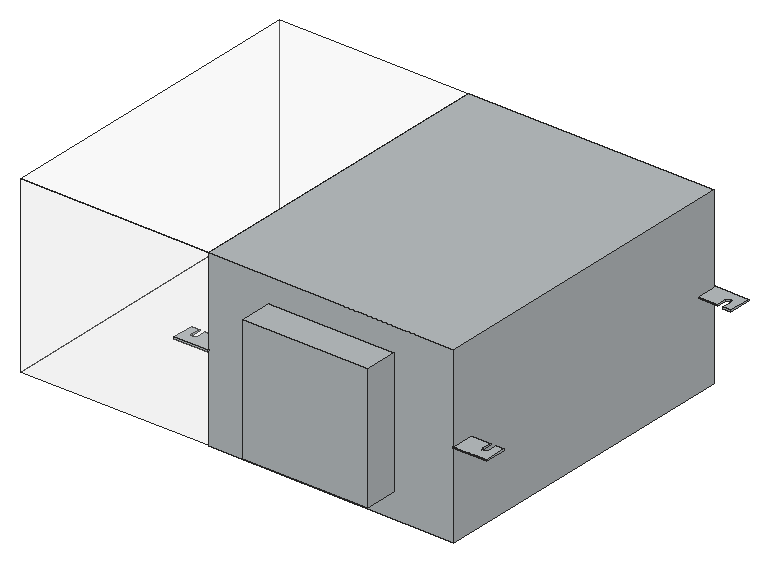
Revit family "bfs-300ta2-50_50Hz", category 機械設備, Revit 2019
Family settings
  丸型コネクタ寸法 = 直径を使用
  パーツ タイプ = 割り込み
  OmniClass 番号 = 23.75.35.17.24
  OmniClass タイトル = Axial Fans
  作業面ベース = いいえ
  常に垂直 = はい
  ロード時にボイドで切り取り = いいえ
  共有 = いいえ
  部屋計算ポイント = はい
Parameters (values of type "BFS-300TA2-50")
  騒音レベル(dB(A))_吸込 = 54
  騒音レベル(dB(A))_吐出 = 73
  騒音レベル(dB(A))_側面 = 45
  騒音レベル(dB(A)) = 73
  風量 [instance] = 設計風量  # 0.0 m³/h
  電源種別 [instance] = "一般"
  電圧 = 200 V
  電動機出力 = 1000 W
  電動機_種別 [instance] = ""
  運転質量 = 0.00 kg
  連動 [instance] = ""
  質量 = if(製品質量 > 運転質量, 製品質量, 運転質量) * 1.2  # 46.80 kg
  負荷分類 = 3_ファン類
  説明 = "ストレートシロッコファン天吊埋込タイプ（標準形）"
  設計風量 [instance] = 0.0 m³/h
  設置方法 = "天吊"
  記号 [instance] = ""
  製造元 = "三菱電機株式会社"
  製品質量 = 39.00 kg
  製品出荷対象 = "国内"
  製品リリース年月 = "2022年6月1日"
  製品グループ = ""
  系統 [instance] = ""
  符号 [instance] = if(☑給気／□排気, "FS", "FE")  # "FE"
  積算_科目 = "2 換気設備"
  積算_拾い区分 [instance] = ""
  相 = 3
  盤記号 [instance] = ""
  盤工事区分 = "電気工事"
  発停方法 [instance] = "別売スイッチ"
  番手 = "#2"
  特殊仕様 [instance] = ""
  火災停止 [instance] = ""
  消費電力 = 900 W
  法定耐用年数 = "15"
  機外静圧 [instance] = 0.0 Pa
  極数 = 3
  極 = 4
  材質 [instance] = ""
  本体マテリアル = 溶融亜鉛めっき鋼板
  操作・制御方式 = ""
  操作・制御スイッチ = ""
  排気量 [instance] = if(☑給気／□排気, 0.0 m³/h, 設計風量)  # 0.0 m³/h
  形式 = ""
  形名 = BFS-TA : BFS-300TA
  幹線記号 [instance] = ""
  対象室 [instance] = ""
  実風量 = 0.0 m³/h
  始動方式 [instance] = "直入"
  外気量 [instance] = if(☑給気／□排気, 設計風量, 0.0 m³/h)  # 0.0 m³/h
  呼称 = "消音ボックス付送風機"
  周波数 = 50 Hz
  天吊金具ピッチ幅 = 695 mm
  天吊金具ピッチ奥行 = 722 mm
  参照している仕様書等のバージョン = ""
  分類コード = "50052502100020"
  分類グループ = ""
  価格 = 266000
  企業コード = "108420"
  付属品_防振装置 = ""
  付属品 [instance] = ""
  仕様書バージョン = "Version1.0"
  モデル = "BFS-300TA2-50"
  ファンの種類 = "多翼形"
  ダクト高 = 300 mm
  ダクト幅 = 300 mm
  サービススペース = yes
  コメント [instance] = ""
  Keynote = ""
  ☑給気／□排気 [instance] = no
  Width = 586 mm
  Version = ""
  Uniclass2015Version = "Systems v1.9"
  Uniclass2015Title = "Centrifugal fans"
  Uniclass2015Code = "Pr_65_67_29_12"
  URL = "https://www.mitsubishielectric.co.jp/ldg/wink/ssl/displayProduct.do?pid=319091"
  SpecificationReference = ""
  SpecificationDescription = ""
  Revision = ""
  ProductInformation = ""
  OmniClassCode = "23-33 31 19 13 15"
  MIN風量 = 0.0 m³/h
  MIN静圧 = 0.0 Pa
  MID風量 = 0.0 m³/h
  MID静圧 = 0.0 Pa
  MAX風量 = 3000.0 m³/h
  MAX静圧 = 220.0 Pa
  M = 79 mm
  IfcTypeProduct = ""
  IfcProduct = ""
  IfcExportType = "CENTRIFUGALFORWARDCURVED"
  IfcExportAs = "IfcFanType"
  Height = 413 mm
  Depth = 775 mm
  Clearance Top = 0 mm  # constant formula
  Clearance Right = 0 mm  # constant formula
  Clearance Left = 450 mm  # constant formula
  Clearance Front = 0 mm  # constant formula
  Clearance Bottom = 0 mm  # constant formula
  Clearance Back = 0 mm  # constant formula
  Author = "三菱電機株式会社"
Reference planes
  plane 1 "中心(正面/背面)": y = 0
  plane 2: z = 0
  plane 3 "中心(左/右)": x = 0
  plane 4 "左": x = -293
  plane 5 "右": x = 293
  plane 6 "背面": y = 387.5
  plane 7 "正面": y = -387.5
  plane 8: z = 206.5
  plane 9: y = 361
  plane 10: y = -361
  plane 11: x = 347.5
  plane 12: x = -347.5
  plane 13: z = -206.5
  plane 14: z = 206.5
  plane 15: z = -206.5
  plane 16: y = 387.5
  plane 17: y = -387.5
  plane 18: x = -743
  plane 19: x = 293
Lines and regions (mm)
  Masking region 1, detail levels coarse+medium
    outline origin (-193.752, -1484.996, 0) x (1, 0, 0) y (0, 1, 0)
      loop
        line (-99.248, 1097.496) -> (486.752, 1097.496) -> (486.752, 1872.496) -> (-99.248, 1872.496) -> (-99.248, 1097.496)
  symbolic lines, detail levels coarse+medium
    curve 1: line (-293, 387.5, 0) -> (293, 0, 0)
    curve 2: line (293, 0, 0) -> (-293, -387.5, 0)
Dimensions and locks
  "Width": plane 4 "左" to plane 5 "右"
  equal spacing: plane 7 "正面", plane 1 "中心(正面/背面)", plane 6 "背面"
  "Depth": plane 7 "正面" to plane 6 "背面"
  equal spacing: plane 8, level, plane 13
  "Height": plane 8 to plane 13
  "Clearance Right": plane 5 "右" to plane 19
  "Clearance Left": plane 18 to plane 4 "左"
  "Clearance Back": plane 6 "背面" to plane 16
  "Clearance Front": plane 17 to plane 7 "正面"
  "Clearance Top": plane 14 to plane 8
  "Clearance Bottom": plane 13 to plane 15
  equal spacing: plane 12, plane 3 "中心(左/右)", plane 11
  "天吊金具ピッチ幅": plane 12 to plane 11
  equal spacing: plane 10, plane 1 "中心(正面/背面)", plane 9
  "天吊金具ピッチ奥行": plane 10 to plane 9
  equal spacing: plane 4 "左", plane 3 "中心(左/右)", plane 5 "右"
  aligned and locked: level to plane 2
  aligned and locked: nested 2 to plane 9
  aligned and locked: plane 10 to nested 2
  aligned and locked: plane 12 to nested 2
  aligned and locked: plane 11 to nested 2
  aligned and locked: plane 8 to nested 1
  aligned and locked: plane 18 to nested 3
  aligned and locked: plane 17 to nested 3
  aligned and locked: plane 14 to nested 3
  aligned and locked: plane 15 to nested 3
  aligned and locked: plane 1 "中心(正面/背面)" to nested 1
  aligned and locked: nested 1 to plane 3 "中心(左/右)"
  aligned and locked: plane 16 to nested 3
  aligned and locked: plane 4 "左" to nested 3
  aligned and locked: plane 5 "右" to Masking region 1
  aligned and locked: Masking region 1 to plane 4 "左"
  aligned and locked: Masking region 1 to plane 6 "背面"
  aligned and locked: plane 7 "正面" to Masking region 1
Automatic sketch dimensions
  Masking region 1 sketch curve to plane 4 "左" = 0 mm
  Masking region 1 sketch curve to plane 5 "右" = 0 mm
  plane 7 "正面" to Masking region 1 sketch curve = 0 mm
  Masking region 1 sketch curve to plane 7 "正面" = 775 mm
  curve 2 to plane 4 "左" = 0 mm
  curve 1 to plane 4 "左" = 0 mm
  plane 1 "中心(正面/背面)" to curve 2 = 0 mm
  curve 1 to plane 5 "右" = 0 mm
  plane 7 "正面" to curve 2 = 0 mm
  plane 6 "背面" to curve 1 = 0 mm
Nested families
  nested 1: "BFS-TA" at (0, 0, -206.5) x (0, -1, 0) z (0, 0, 1), type <- "形名", type "BFS-300TA"
  nested 2: "固定点" at (-347.5, -361, 0), type "固定点"
    with W 695 mm, D 722 mm
  nested 3: "サービススペース" at (-518, 0, 0), visible <- "サービススペース", type "サービススペース"
    with Width 450 mm, Height 413 mm, Depth 775 mm
Connectors
  hvac at (0, -466.5, 0), driven by "ダクト高", driven by "ダクト幅", driven by "機外静圧", driven by "風量"
    settings: on nested 1, index 4, duct flow 0.0 m³/h, flow factor 0, pres drop 0.0 Pa, loss coef 0, conn angle 0.00°, conn width 300 mm, conn height 300 mm, conn diameter 609.6 mm, duct sys type 29, conn prof type 1, flow config 0, flow direction 2, loss method 4, conn ref index -1, conn util no, is conn primary yes, conn desc "Out"
  hvac at (0, 466.5, 0), driven by "ダクト高", driven by "ダクト幅", driven by "機外静圧", driven by "風量"
    settings: on nested 1, index 5, duct flow 0.0 m³/h, flow factor 0, pres drop 0.0 Pa, loss coef 0, conn angle 0.00°, conn width 300 mm, conn height 300 mm, conn diameter 609.6 mm, duct sys type 29, conn prof type 1, flow config 0, flow direction 1, loss method 4, conn ref index -1, conn util no, is conn primary no, conn desc "In"
  electrical at (-322.5, -259.5, -64), driven by "極数", driven by "負荷分類", driven by "電圧", driven by "消費電力"
    settings: on nested 1, index 6, voltage 200 V, apparent load 900 VA, apparent load phase1 0 VA, apparent load phase2 0 VA, apparent load phase3 0 VA, power factor 1, load classification "3_ファン類", number of poles 3, system type 30, power factor state 1, is connector primary yes, connector utility no, sub classification motor no, connector description ""
Definition of nested family "BFS-TA"
  Parameters (values of type "BFS-300TA1")
    端子カバー高 = 99 mm
    端子カバー手前位置 = 62.5 mm
    端子カバー幅 = 29.5 mm
    端子カバー奥行 = 131 mm
    端子カバー上位置 = 221 mm
    吊りボルト幅 = 695 mm
    吊りボルト奥行 = 772 mm
    マテリアル = none
    φ = 298 mm
    Φ = 298 mm
    kb_z = 50 mm
    b = 430 mm
    a = 79 mm
    W = 775 mm
    H = 413 mm
    c = 59 mm
    D = 586 mm
  Reference planes
    plane 1 "中心(正面/背面)": y = 0
    plane 2: z = 0
    plane 3 "中心(左/右)": x = 0
    plane 4: y = 293
    plane 5: y = 347.5
    plane 6: y = 373
    plane 7: y = -293
    plane 8: y = -347.5
    plane 9: y = -373
    plane 10: x = -387.5
    plane 11: x = -361
    plane 12: x = -390.5
    plane 13: x = 387.5
    plane 14: x = 361
    plane 15: x = 390.5
    plane 16: z = 413
    plane 17: z = 600
    plane 18: z = 900
    plane 19: z = 1200
    plane 20: x = -105
    plane 21: x = 325
    plane 22: x = 466.5
    plane 23: x = -466.5
    plane 24: z = 206.5
    plane 25: z = 203.5
    plane 26: z = 165.5
    plane 27: x = -338.5
    plane 28: y = -296
    plane 29: z = 188.5
    plane 30: x = 338.5
    plane 31: y = 296
    plane 32: x = 456.5
    plane 33: x = 397.5
    plane 34: x = -397.5
    plane 35: x = -456.5
    plane 36: x = 194
    plane 37: z = 192
    plane 38: z = 93
    plane 39: y = -322.5
    plane 40: z = 103
    plane 41: y = 149
    plane 42: y = -149
    plane 43: z = 355.5
    plane 44: z = 57.5
    plane 45: z = 182
  Forms (mm)
    Extrusion 1, solid, material <- "マテリアル", detail levels fine
      sketch origin (0, 0, 0) x (1, 0, 0) y (0, 1, 0)
        loop
          line (-387.5, 293) -> (-387.5, -293) -> (387.5, -293) -> (387.5, 293) -> (-387.5, 293)
      from 0 to 413
    Extrusion 2, solid, material <- "マテリアル", detail levels fine
      sketch origin (0, 0, 0) x (1, 0, 0) y (0, 1, 0)
        loop
          line (-390.5, -293) -> (-390.5, -373) -> (-338.5, -373) -> (-338.5, -354.25) -> (-361, -354.25)
          arc (-361, -354.25) -> (-367.75, -347.5) -> (-361, -340.75) r 6.75
          line (-361, -340.75) -> (-338.5, -340.75) -> (-338.5, -293) -> (-390.5, -293)
      from 203.5 to 206.5
    Extrusion 3, solid, material <- "マテリアル", detail levels fine
      sketch origin (0, 0, 0) x (1, 0, 0) y (0, 1, 0)
        loop
          line (-390.5, 293) -> (-338.5, 293) -> (-338.5, 340.75) -> (-361, 340.75)
          arc (-361, 340.75) -> (-367.75, 347.5) -> (-361, 354.25) r 6.75
          line (-361, 354.25) -> (-338.5, 354.25) -> (-338.5, 373) -> (-390.5, 373) -> (-390.5, 293)
      from 203.5 to 206.5
    Extrusion 4, solid, material <- "マテリアル", detail levels fine
      sketch origin (0, 0, 0) x (-1, 0, 0) y (0, -1, 0)
        loop
          line (-390.5, 293) -> (-338.5, 293) -> (-338.5, 340.75) -> (-361, 340.75)
          arc (-361, 340.75) -> (-367.75, 347.5) -> (-361, 354.25) r 6.75
          line (-361, 354.25) -> (-338.5, 354.25) -> (-338.5, 373) -> (-390.5, 373) -> (-390.5, 293)
      from 203.5 to 206.5
    Extrusion 5, solid, material <- "マテリアル", detail levels fine
      sketch origin (0, 0, 0) x (0, 1, 0) y (0, 0, 1)
        loop
          line (149, 57.5) -> (149, 355.5) -> (-149, 355.5) -> (-149, 57.5) -> (149, 57.5)
      from -387.5 to -466.5
    Extrusion 6, solid, material <- "マテリアル", detail levels fine
      sketch origin (0, 0, 0) x (0, 1, 0) y (0, 0, -1)
        loop
          line (-149, -355.5) -> (149, -355.5) -> (149, -57.5) -> (-149, -57.5) -> (-149, -355.5)
      from -387.5 to -466.5
    Extrusion 7, solid, material <- "マテリアル", detail levels fine
      sketch origin (0, 0, 0) x (1, 0, 0) y (0, 0, 1)
        loop
          line (325, 192) -> (194, 192) -> (194, 93) -> (325, 93) -> (325, 192)
      from 293 to 322.5
    Extrusion 8, solid, material <- "マテリアル", detail levels fine
      sketch origin (0, 0, 0) x (-1, 0, 0) y (0, -1, 0)
        loop
          line (-390.5, -293) -> (-390.5, -373) -> (-338.5, -373) -> (-338.5, -354.25) -> (-361, -354.25)
          arc (-361, -354.25) -> (-367.75, -347.5) -> (-361, -340.75) r 6.75
          line (-361, -340.75) -> (-338.5, -340.75) -> (-338.5, -293) -> (-390.5, -293)
      from 203.5 to 206.5
  Dimensions and locks
    plane 12 to plane 15 = 781 mm
    plane 11 to plane 14 = 722 mm
    "W": plane 10 to plane 13
    plane 9 to plane 6 = 746 mm
    plane 8 to plane 5 = 695 mm
    "D": plane 7 to plane 4
    equal spacing: plane 7, plane 1 "中心(正面/背面)", plane 4
    equal spacing: plane 10, plane 3 "中心(左/右)", plane 13
    "H": plane 16 to level
    locked: plane 4 to plane 5 at 54.5
    locked: plane 5 to plane 6 at 25.5
    locked: plane 8 to plane 7 at 54.5
    locked: plane 9 to plane 8 at 25.5
    locked: plane 10 to plane 11 at 26.5
    locked: plane 14 to plane 13 at 26.5
    locked: plane 13 to plane 15 at 3
    locked: plane 12 to plane 10 at 3
    equal spacing: plane 16, plane 24, level
    locked: plane 24 to plane 25 at 3
    locked: plane 24 to plane 26 at 41
    locked: plane 12 to plane 27 at 52
    locked: plane 28 to plane 7 at 3
    locked: plane 25 to plane 29 at 15
    locked: plane 30 to plane 15 at 52
    locked: plane 31 to plane 4 at 3
    "a": plane 23 to plane 10
    "a": plane 13 to plane 22
    locked: plane 23 to plane 35 at 10
    locked: plane 34 to plane 10 at 10
    locked: plane 13 to plane 33 at 10
    locked: plane 32 to plane 22 at 10
    "端子カバー手前位置": plane 13 to plane 21
    "b": plane 21 to plane 20
    "端子カバー奥行": plane 21 to plane 36
    "端子カバー高": plane 37 to plane 38
    "端子カバー幅": plane 39 to plane 7
    locked: plane 40 to plane 38 at 10
    equal spacing: plane 42, plane 1 "中心(正面/背面)", plane 41
    "Φ": plane 42 to plane 41
    equal spacing: plane 43, plane 24, plane 44
    "φ": plane 43 to plane 44
    locked: plane 37 to plane 45 at 10
    "端子カバー上位置": plane 16 to plane 37
    aligned and locked: level to plane 2
    aligned and locked: plane 4 to Extrusion 1 sketch curve
    aligned and locked: plane 10 to Extrusion 1 sketch curve
    aligned and locked: Extrusion 1 sketch curve to plane 7
    aligned and locked: Extrusion 1 sketch curve to plane 13
    aligned and locked: plane 16 to Extrusion 1
    aligned and locked: plane 7 to Extrusion 2 sketch curve
    aligned and locked: plane 12 to Extrusion 2 sketch curve
    aligned and locked: Extrusion 2 sketch curve to plane 9
    aligned and locked: Extrusion 2 sketch curve to plane 27  (x2)
    aligned and locked: plane 11 to Extrusion 2 sketch curve
    aligned and locked: plane 8 to Extrusion 2 sketch curve
    aligned and locked: plane 24 to Extrusion 2
    aligned and locked: Extrusion 2 to plane 25
    aligned and locked: plane 27 to Extrusion 3 sketch curve  (x2)
    aligned and locked: plane 5 to Extrusion 3 sketch curve
    aligned and locked: plane 11 to Extrusion 3 sketch curve
    aligned and locked: Extrusion 3 sketch curve to plane 6
    aligned and locked: Extrusion 3 sketch curve to plane 12
    aligned and locked: plane 4 to Extrusion 3 sketch curve
    aligned and locked: plane 24 to Extrusion 3
    aligned and locked: Extrusion 3 to plane 25
    aligned and locked: plane 9 to Extrusion 4 sketch curve
    aligned and locked: plane 15 to Extrusion 4 sketch curve
    aligned and locked: Extrusion 4 sketch curve to plane 7
    aligned and locked: Extrusion 4 sketch curve to plane 30  (x2)
    aligned and locked: plane 14 to Extrusion 4 sketch curve
    aligned and locked: plane 8 to Extrusion 4 sketch curve
    aligned and locked: Extrusion 4 to plane 25
    aligned and locked: plane 24 to Extrusion 4
    aligned and locked: plane 10 to Extrusion 5
    aligned and locked: Extrusion 6 to plane 13
    aligned and locked: plane 37 to Extrusion 7 sketch curve
    aligned and locked: plane 21 to Extrusion 7 sketch curve
    aligned and locked: Extrusion 7 sketch curve to plane 38
    aligned and locked: Extrusion 7 sketch curve to plane 36
    aligned and locked: Extrusion 7 to plane 7
    aligned and locked: plane 6 to Extrusion 8 sketch curve
    aligned and locked: plane 30 to Extrusion 8 sketch curve  (x2)
    aligned and locked: Extrusion 8 sketch curve to plane 4
    aligned and locked: Extrusion 8 sketch curve to plane 15
    aligned and locked: plane 5 to Extrusion 8 sketch curve
    aligned and locked: plane 14 to Extrusion 8 sketch curve
    aligned and locked: plane 24 to Extrusion 8
    aligned and locked: Extrusion 8 to plane 25
    aligned and locked: Extrusion 5 sketch curve to plane 41
    aligned and locked: Extrusion 5 sketch curve to plane 43
    aligned and locked: Extrusion 5 sketch curve to plane 42
    aligned and locked: plane 44 to Extrusion 5 sketch curve
    aligned and locked: Extrusion 5 to plane 23
    aligned and locked: Extrusion 6 sketch curve to Extrusion 5  (x4)
    aligned and locked: plane 22 to Extrusion 6
    aligned and locked: plane 39 to Extrusion 7
  Automatic sketch dimensions
    Extrusion 3 sketch curve to plane 5 = 6.75 mm
    plane 5 to Extrusion 8 sketch curve = 6.75 mm
    Extrusion 2 sketch curve to plane 8 = 6.75 mm
    plane 8 to Extrusion 4 sketch curve = 6.75 mm
Definition of nested family "サービススペース"
  Parameters (values of type "サービススペース")
    Width [instance] = 500 mm
    Height [instance] = 500 mm
    Depth [instance] = 500 mm
  Reference planes
    plane 1 "中心(正面/背面)": y = 0
    plane 2: z = 0
    plane 3 "中心(左/右)": x = 0
    plane 4: y = -250
    plane 5: x = 250
    plane 6: y = 250
    plane 7: x = -250
    plane 8: z = 250
    plane 9: z = -250
  Forms (mm)
    Extrusion 1, solid
      sketch origin (-638.939, 0, 72.39) x (1, 0, 0) y (0, 1, 0)
        loop
          line (388.939, 250) -> (388.939, -250) -> (888.939, -250) -> (888.939, 250) -> (388.939, 250)
      from -322.39 to 177.61
  Lines and regions (mm)
    symbolic lines
      curve 1: line (-250, 0, 250) -> (250, 0, 250)
      curve 2: line (-250, 0, -250) -> (-250, 0, 250)
      curve 3: line (250, 0, -250) -> (-250, 0, -250)
      curve 4: line (250, 0, 250) -> (250, 0, -250)
      curve 5: line (0, -250, 250) -> (0, 250, 250)
      curve 6: line (0, -250, -250) -> (0, -250, 250)
      curve 7: line (0, 250, -250) -> (0, -250, -250)
      curve 8: line (0, 250, 250) -> (0, 250, -250)
      curve 9: line (-250, 250, 0) -> (250, 250, 0)
      curve 10: line (-250, -250, 0) -> (-250, 250, 0)
      curve 11: line (250, -250, 0) -> (-250, -250, 0)
      curve 12: line (250, 250, 0) -> (250, -250, 0)
  Dimensions and locks
    equal spacing: plane 7, plane 3 "中心(左/右)", plane 5
    equal spacing: plane 4, plane 1 "中心(正面/背面)", plane 6
    "Depth": plane 4 to plane 6
    "Width": plane 7 to plane 5
    equal spacing: plane 8, plane 2, plane 9
    "Height": plane 8 to plane 9
    aligned and locked: plane 9 to curve 3
    aligned and locked: plane 7 to curve 2
    aligned and locked: curve 4 to plane 5
    aligned and locked: plane 5 to Extrusion 1
    aligned and locked: Extrusion 1 to plane 7
    aligned and locked: Extrusion 1 to plane 9
    aligned and locked: plane 8 to Extrusion 1
    aligned and locked: plane 9 to curve 7
  Automatic sketch dimensions
    plane 4 to Extrusion 1 sketch curve = 0 mm
    Extrusion 1 sketch curve to plane 7 = 0 mm
    Extrusion 1 sketch curve to plane 5 = 0 mm
    plane 6 to Extrusion 1 sketch curve = 0 mm
    curve 2 to plane 8 = 0 mm
    plane 4 to curve 11 = 0 mm
    curve 11 to plane 7 = 0 mm
    curve 11 to plane 5 = 0 mm
    plane 6 to curve 10 = 0 mm
    curve 7 to plane 4 = 0 mm
    curve 7 to plane 6 = 0 mm
    curve 6 to plane 8 = 0 mm
Definition of nested family "固定点"
  Parameters (values of type "固定点")
    中心円 = 13.5 mm
    W [instance] = 1000 mm
    D [instance] = 1000 mm
  Reference planes
    plane 1 "中心(正面/背面)": y = 0
    plane 2: z = 0
    plane 3 "中心(左/右)": x = 0
    plane 4: x = 1000
    plane 5: y = 1000
  Lines and regions (mm)
    symbolic lines, detail levels fine
      curve 1: circle (0, 1000, 0) r 6.75 normal (0, 0, 1)
      curve 2: circle (0, 0, 0) r 6.75 normal (0, 0, 1)
      curve 3: circle (1000, 1000, 0) r 6.75 normal (0, 0, 1)
      curve 4: circle (1000, 0, 0) r 6.75 normal (0, 0, 1)
      curve 5: line (-200, 1000, 0) -> (1200, 1000, 0)
      curve 6: line (-200, 0, 0) -> (1200, 0, 0)
      curve 7: line (0, 1200, 0) -> (0, -200, 0)
      curve 8: line (1000, 1200, 0) -> (1000, -200, 0)
  Dimensions and locks
    "W": plane 3 "中心(左/右)" to plane 4
    "D": plane 1 "中心(正面/背面)" to plane 5
    "中心円": diameter of curve 1
    "中心円": diameter of curve 2
    "中心円": diameter of curve 3
    "中心円": diameter of curve 4
    aligned and locked: level to plane 2
    aligned and locked: plane 5 to curve 1
    aligned and locked: plane 3 "中心(左/右)" to curve 1
    aligned and locked: plane 3 "中心(左/右)" to curve 2
    aligned and locked: plane 1 "中心(正面/背面)" to curve 2
    aligned and locked: plane 4 to curve 3
    aligned and locked: plane 5 to curve 3
    aligned and locked: plane 1 "中心(正面/背面)" to curve 4
    aligned and locked: plane 4 to curve 4
    aligned and locked: plane 1 "中心(正面/背面)" to curve 6
    aligned and locked: curve 7 to plane 3 "中心(左/右)"
    aligned and locked: curve 8 to plane 4
  Automatic sketch dimensions
    curve 5 to plane 5 = 0 mm
    curve 6 to plane 3 "中心(左/右)" = 200 mm
    curve 5 to plane 3 "中心(左/右)" = 200 mm
    curve 4 to curve 6 = 200 mm
    curve 3 to curve 5 = 200 mm
    plane 1 "中心(正面/背面)" to curve 8 = 200 mm
    plane 1 "中心(正面/背面)" to curve 7 = 200 mm
    curve 3 to curve 8 = 200 mm
    curve 1 to curve 7 = 200 mm
